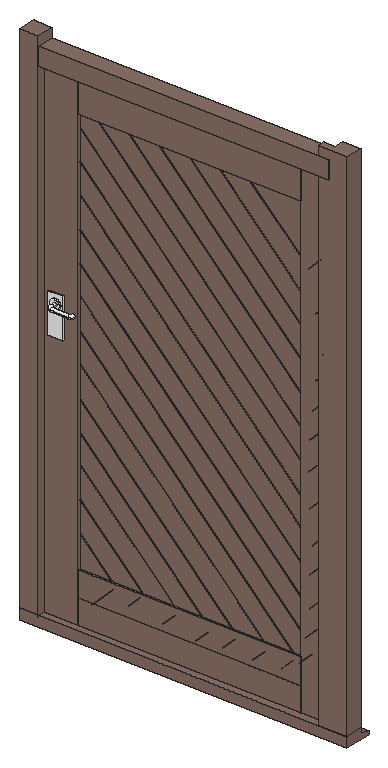
Revit family "DTI_A3-DIFSD31P12", category Doors, host Wall, Revit 2016
Family settings
  Host = Wall
  OmniClass Number = 23.30.10.00
  OmniClass Title = Doors
  Always vertical = Yes
  Cut with Voids When Loaded = No
  Shared = No
  Room Calculation Point = No
Parameters (values of type "DIFSD31P12")
  URL = "www.swartland.co.za"
  Rough Width = 923 mm
  Rough Height = 2165 mm
  Model = "DIFSD31P/1.2"
  Manufacturer = "Swartland Doors & Windows"
  Function = Exterior
  Frame Width = 74 mm
  Height = Door Height + Frame Width + Cill Height  # 2144 mm
  Wall Closure = By host
  Width = Door Width + (Frame Width * 2)  # 1348 mm
  Frame Depth = 70 mm
  Door Width = 1200 mm
  Door Material = Meranti
  Door Height = 2032 mm
  Door Frame Material = Meranti
  Description = "Pivot Door in Frame - DIFSD31P/1.2"
  Cill Height = 38 mm
  Assembly Code = ""
Reference planes
  plane 1 "Centre (Front/Back)": y = 0
  plane 2 "Center (Left/Right)": x = 0
  plane 3 "Left": x = -674
  plane 4 "Right": x = 674
  plane 5: z = 2144
  plane 6 "Exterior": y = 75
  plane 7 "Interior": y = -75
  plane 8: y = -35
  plane 9 "Frame exterior": y = 35
  plane 10: z = 2070
  plane 11: x = 600
  plane 12: x = -600
  plane 13 "Cill Level": z = 38
  plane 14 "Centre of door": y = 17.751
Forms (mm)
  Extrusion 1, solid, material "Meranti" <- "Door Frame Material"
    sketch origin (0, 0, 38) x (1, 0, 0) y (0, 1, 0)
      loop
        line (-674, 35) -> (-674, -35) -> (-600, -35) -> (-600, 35) -> (-674, 35)
    from 0 to 2144 <- "Height"
  Extrusion 2, solid, material "Meranti" <- "Door Frame Material"
    sketch origin (0, 0, 38) x (-1, 0, 0) y (0, -1, 0)
      loop
        line (-674, -35) -> (-600, -35) -> (-600, 5) -> (-555, 5) -> (-555, 35) -> (-674, 35) -> (-674, -35)
    from 0 to 2144 <- "Height"
  Extrusion 3, solid, material "Meranti" <- "Door Frame Material"
    sketch origin (0, 0, 0) x (0, 1, 0) y (0, 0, 1)
      loop
        line (-35, 44) -> (-35, 0) -> (75, 0) -> (75, 15) -> (35, 25.321) -> (35, 44) -> (-35, 44)
    from -674 to 674
  Extrusion 4, solid, material "Meranti"
    sketch origin (0, 0, 0) x (0, 1, 0) y (0, 0, 1)
      loop
        line (35, 2144) -> (-35, 2144) -> (-35, 2070) -> (-5, 2070) -> (35, 2070) -> (35, 2144)
    from 600 to -600
  Extrusion 5, solid, material "Meranti" <- "Door Material"
    sketch origin (0, 35, 0) x (0, 0, -1) y (-1, 0, 0)
      loop
        line (-38, -600) -> (-38, -460) -> (-2070, -460) -> (-2070, -600) -> (-38, -600)
    from -40 to 0
  Extrusion 6, solid, material "Meranti" <- "Door Material"
    sketch origin (0, 35, 0) x (0, 0, -1) y (-1, 0, 0)
      loop
        line (-38, 600) -> (-2070, 600) -> (-2070, 460) -> (-38, 460) -> (-38, 600)
    from -40 to 0
  Extrusion 7, solid, material "Meranti"
    sketch origin (0, 35, 0) x (0, 0, -1) y (-1, 0, 0)
      loop
        line (-1930, -460) -> (-1930, 460) -> (-2070, 460) -> (-2070, -460) -> (-1930, -460)
    from 0 to -40
  Extrusion 8, solid, material "Meranti"
    sketch origin (0, 35, -1892) x (0, 0, -1) y (-1, 0, 0)
      loop
        line (-1930, -460) -> (-1930, 460) -> (-2035, 460) -> (-2035, -460) -> (-1930, -460)
    from 0 to -40
  Extrusion 9, solid, material "Meranti"
    sketch origin (-1295.388, 35, -968.236) x (-0.707107, 0, -0.707107) y (-0.707107, 0, 0.707107)
      loop
        line (-1983.231, -373.204) -> (-1983.231, 946.796) -> (-2071.757, 946.796) -> (-2071.757, -373.204) -> (-1983.231, -373.204)
    from -30 to -10
  Extrusion 10, solid, material "Meranti"
    sketch origin (-1232.79, 35, -905.638) x (-0.707107, 0, -0.707107) y (-0.707107, 0, 0.707107)
      loop
        line (-1983.231, -393.426) -> (-1983.231, 1015.757) -> (-2071.757, 1015.757) -> (-2071.757, -393.426) -> (-1983.231, -393.426)
    from -30 to -10
  Extrusion 11, solid, material "Meranti"
    sketch origin (0, 35, -1787) x (0, 0, -1) y (-1, 0, 0)
      loop
        line (-1930, -460) -> (-1930, 460) -> (-2035, 460) -> (-2035, -460) -> (-1930, -460)
    from 0 to -40
  Extrusion 12, solid, material "Meranti"
    sketch origin (-1194.574, 35, -818.659) x (-0.707107, 0, -0.707107) y (-0.707107, 0, 0.707107)
      loop
        line (-1983.231, -373.204) -> (-1983.231, 1071.878) -> (-2071.757, 1071.878) -> (-2071.757, -373.204) -> (-1983.231, -373.204)
    from -30 to -10
  Extrusion 13, solid, material "Meranti"
    sketch origin (-1131.977, 35, -756.061) x (-0.707107, 0, -0.707107) y (-0.707107, 0, 0.707107)
      loop
        line (-1983.231, -304.525) -> (-1983.231, 1171.878) -> (-2071.757, 1171.878) -> (-2071.757, -304.525) -> (-1983.231, -304.525)
    from -30 to -10
  Extrusion 14, solid, material "Meranti"
    sketch origin (-1069.379, 35, -693.464) x (-0.707107, 0, -0.707107) y (-0.707107, 0, 0.707107)
      loop
        line (-1983.231, -216.259) -> (-1983.231, 1251.878) -> (-2071.757, 1251.878) -> (-2071.757, -216.259) -> (-1983.231, -216.259)
    from -30 to -10
  Extrusion 15, solid, material "Meranti"
    sketch origin (-1006.781, 35, -630.866) x (-0.707107, 0, -0.707107) y (-0.707107, 0, 0.707107)
      loop
        line (-1983.231, -145.45) -> (-1983.231, 1336.868) -> (-2071.757, 1336.868) -> (-2071.757, -145.45) -> (-1983.231, -145.45)
    from -30 to -10
  Extrusion 16, solid, material "Meranti"
    sketch origin (-944.184, 35, -568.269) x (-0.707107, 0, -0.707107) y (-0.707107, 0, 0.707107)
      loop
        line (-1983.231, -44.499) -> (-1983.231, 1431.878) -> (-2071.757, 1431.878) -> (-2071.757, -44.499) -> (-1983.231, -44.499)
    from -30 to -10
  Extrusion 17, solid, material "Meranti"
    sketch origin (-881.586, 35, -505.671) x (-0.707107, 0, -0.707107) y (-0.707107, 0, 0.707107)
      loop
        line (-1983.231, 54.666) -> (-1983.231, 1431.878) -> (-2071.757, 1431.878) -> (-2071.757, 54.666) -> (-1983.231, 54.666)
    from -30 to -10
  Extrusion 18, solid, material "Meranti"
    sketch origin (-990.974, 35, -271.088) x (-0.707107, 0, -0.707107) y (-0.707107, 0, 0.707107)
      loop
        line (-1983.231, -108.741) -> (-1983.231, 1133.644) -> (-2071.757, 1133.644) -> (-2071.757, -108.741) -> (-1983.231, -108.741)
    from -30 to -10
  Extrusion 19, solid, material "Meranti"
    sketch origin (-990.974, 35, -145.893) x (-0.707107, 0, -0.707107) y (-0.707107, 0, 0.707107)
      loop
        line (-1983.231, -125.215) -> (-1983.231, 1005.118) -> (-2071.757, 1005.118) -> (-2071.757, -125.215) -> (-1983.231, -125.215)
    from -30 to -10
  Extrusion 20, solid, material "Meranti"
    sketch origin (-1036.799, 35, 25.127) x (-0.707107, 0, -0.707107) y (-0.707107, 0, 0.707107)
      loop
        line (-1983.231, -206.892) -> (-1983.231, 731.786) -> (-2071.757, 731.786) -> (-2071.757, -206.892) -> (-1983.231, -206.892)
    from -30 to -10
  Extrusion 21, solid, material "Meranti"
    sketch origin (-1006.014, 35, 119.537) x (-0.707107, 0, -0.707107) y (-0.707107, 0, 0.707107)
      loop
        line (-1983.231, -197.435) -> (-1983.231, 641.805) -> (-2071.757, 641.805) -> (-2071.757, -197.435) -> (-1983.231, -197.435)
    from -30 to -10
  Extrusion 22, solid, material "Meranti"
    sketch origin (-943.417, 35, 182.135) x (-0.707107, 0, -0.707107) y (-0.707107, 0, 0.707107)
      loop
        line (-1983.231, -78.195) -> (-1983.231, 541.805) -> (-2071.757, 541.805) -> (-2071.757, -78.195) -> (-1983.231, -78.195)
    from -30 to -10
  Extrusion 23, solid, material "Meranti"
    sketch origin (-880.819, 35, 244.732) x (-0.707107, 0, -0.707107) y (-0.707107, 0, 0.707107)
      loop
        line (-1983.231, 54.034) -> (-1983.231, 406.796) -> (-2140.6, 406.796) -> (-2140.6, 54.034) -> (-1983.231, 54.034)
    from -30 to -10
  Extrusion 24, solid, material "Meranti"
    sketch origin (-1295.388, 35, -968.236) x (-0.707107, 0, -0.707107) y (-0.707107, 0, 0.707107)
      loop
        line (-1983.231, -373.204) -> (-1983.231, 946.796) -> (-2071.757, 946.796) -> (-2071.757, -373.204) -> (-1983.231, -373.204)
    from -30 to -10
  Extrusion 25, solid, material "Meranti"
    sketch origin (-1357.985, 35, -1030.833) x (-0.707107, 0, -0.707107) y (-0.707107, 0, 0.707107)
      loop
        line (-1983.231, -297.207) -> (-1983.231, 826.359) -> (-2071.757, 826.359) -> (-2071.757, -297.207) -> (-1983.231, -297.207)
    from -30 to -10
  Extrusion 26, solid, material "Meranti"
    sketch origin (-1420.583, 35, -1093.431) x (-0.707107, 0, -0.707107) y (-0.707107, 0, 0.707107)
      loop
        line (-1983.231, -208.804) -> (-1983.231, 746.359) -> (-2071.757, 746.359) -> (-2071.757, -208.804) -> (-1983.231, -208.804)
    from -30 to -10
  Extrusion 27, solid, material "Meranti"
    sketch origin (-1483.18, 35, -1156.028) x (-0.707107, 0, -0.707107) y (-0.707107, 0, 0.707107)
      loop
        line (-1983.231, -140.046) -> (-1983.231, 666.359) -> (-2071.757, 666.359) -> (-2071.757, -140.046) -> (-1983.231, -140.046)
    from -30 to -10
  Extrusion 28, solid, material "Meranti"
    sketch origin (-1545.778, 35, -1218.626) x (-0.707107, 0, -0.707107) y (-0.707107, 0, 0.707107)
      loop
        line (-1987.474, -34.304) -> (-1987.474, 570.602) -> (-2076, 570.602) -> (-2076, -34.304) -> (-1987.474, -34.304)
    from -30 to -10
  Extrusion 29, solid, material "Meranti"
    sketch origin (-1608.375, 35, -1281.223) x (-0.707107, 0, -0.707107) y (-0.707107, 0, 0.707107)
      loop
        line (-1987.474, 78.737) -> (-1987.474, 490.602) -> (-2076, 490.602) -> (-2076, 78.737) -> (-1987.474, 78.737)
    from -30 to -10
  Extrusion 30, solid, material "Meranti"
    sketch origin (-1670.973, 35, -1343.821) x (-0.707107, 0, -0.707107) y (-0.707107, 0, 0.707107)
      loop
        line (-1935.244, 150.602) -> (-1935.244, 411.038) -> (-2076, 411.038) -> (-2076, 150.602) -> (-1935.244, 150.602)
    from -30 to -10
Lines and regions (mm)
  Opening 1
    outline origin (-3050, -75, 0) x (1, 0, 0) y (0, 0, 1)
      loop
        line (2376, 0) -> (3724, 0) -> (3724, 2144) -> (2376, 2144) -> (2376, 0)
  symbolic lines, style "Elevation Swing"
    curve 1: line (600, 75, 38) -> (-600, 75, 1050.513)
    curve 2: line (-600, 75, 1050.513) -> (600, 75, 2070)
  symbolic lines
    curve 3: line (600, -35, 0) -> (600, -1235, 0)
    curve 4: arc (600, -1235, 0) -> (-248.528, -883.528, 0) -> (-600, -35, 0) r 1200
Text (mm)
  text "Exterior" at (-2295.016, 1099.543, 0), in view "Ref. Level"
  text "Exterior" at (0, 1615.38, 3698.081), in view "Left"
  text "Exterior" at (0, 1036.032, 3874.932), in view "Right"
Dimensions and locks
  equal spacing: plane 3 "Left", plane 2 "Center (Left/Right)", plane 4 "Right"
  plane 3 "Left" to plane 4 "Right" = 1348 mm
  locked: plane 6 "Exterior" to host wall at 0
  locked: plane 7 "Interior" to host wall
  equal spacing: plane 9 "Frame exterior", plane 1 "Centre (Front/Back)", plane 8
  "Frame Depth": plane 9 "Frame exterior" to plane 8
  "Frame Width": plane 10 to plane 5
  "Door Width": plane 12 to plane 11
  plane 9 "Frame exterior" to plane 8 = 70 mm  (x2)
  "Cill Height": level to plane 13 "Cill Level"
  "Frame Width": plane 11 to plane 4 "Right"
  "Frame Width": plane 3 "Left" to plane 12
  plane 3 "Left" to plane 12 = 74 mm
  locked: level to Extrusion 3 at 44
  "Door Height": plane 13 "Cill Level" to plane 10
  level to plane 5 = 2144 mm
  aligned and locked: plane 3 "Left" to Opening 1 sketch curve
  aligned and locked: plane 5 to Opening 1 sketch curve  (x2)
  aligned and locked: Opening 1 sketch curve to plane 4 "Right"
  aligned and locked: Opening 1 sketch curve to level
  aligned and locked: plane 1 "Centre (Front/Back)" to host wall
  aligned and locked: Extrusion 3 to host wall  (x2)
  aligned and locked: Extrusion 2 to plane 13 "Cill Level"
  aligned and locked: Extrusion 1 to plane 13 "Cill Level"
  aligned and locked: Extrusion 4 to plane 11
  aligned and locked: plane 12 to Extrusion 4
  aligned and locked: curve 2 to Extrusion 6
  aligned and locked: nested 1 to nested 2
Automatic sketch dimensions
  Extrusion 1 sketch curve to plane 3 "Left" = 0 mm
  Extrusion 1 sketch curve to plane 9 "Frame exterior" = 0 mm
  Extrusion 1 sketch curve to plane 12 = 0 mm
  Extrusion 1 sketch curve to plane 8 = 0 mm
  Extrusion 2 sketch curve to plane 4 "Right" = 0 mm
  Extrusion 2 sketch curve to plane 9 "Frame exterior" = 0 mm
  Extrusion 2 sketch curve to plane 11 = 0 mm
  Extrusion 2 sketch curve to plane 8 = 0 mm
  Extrusion 2 sketch curve to host wall = 5 mm
  Extrusion 2 sketch curve to Extrusion 2 sketch curve = 45 mm
  Extrusion 3 sketch curve to level = 0 mm
  Extrusion 3 sketch curve to plane 8 = 0 mm
  Extrusion 3 sketch curve to plane 9 "Frame exterior" = 0 mm
  Extrusion 3 sketch curve to host wall = 0 mm
  plane 13 "Cill Level" to Extrusion 3 sketch curve = 6 mm
  level to Extrusion 3 sketch curve = 15 mm
  Extrusion 3 sketch curve to Extrusion 3 sketch curve = 18.679 mm
  plane 5 to Extrusion 4 sketch curve = 0 mm
  Extrusion 4 sketch curve to plane 8 = 0 mm
  plane 10 to Extrusion 4 sketch curve = 0 mm  (x2)
  Extrusion 4 sketch curve to plane 9 "Frame exterior" = 0 mm
  host wall to Extrusion 4 sketch curve = 5 mm
  Extrusion 4 sketch curve to Extrusion 4 sketch curve = 0 mm
  Extrusion 5 sketch curve to plane 10 = 0 mm
  plane 11 to Extrusion 5 sketch curve = 0 mm
  Extrusion 5 sketch curve to plane 13 "Cill Level" = 0 mm
  Extrusion 5 sketch curve to Extrusion 5 sketch curve = 140 mm
  Extrusion 6 sketch curve to plane 10 = 0 mm
  plane 12 to Extrusion 6 sketch curve = 0 mm
  Extrusion 6 sketch curve to plane 13 "Cill Level" = 0 mm
  Extrusion 6 sketch curve to plane 12 = 140 mm
  curve 2 to plane 10 = 0 mm
  plane 11 to curve 2 = 0 mm
  plane 11 to curve 1 = 0 mm
  curve 1 to plane 13 "Cill Level" = 0 mm
  plane 13 "Cill Level" to curve 2 = 1012.513 mm
  curve 4 to plane 8 = 0 mm
  curve 4 to plane 12 = 0 mm
  curve 4 to plane 11 = 0 mm
  curve 3 to plane 8 = 0 mm
  Extrusion 7 sketch curve to plane 10 = 0 mm
  plane 10 to Extrusion 7 sketch curve = 140 mm
  plane 11 to Extrusion 7 sketch curve = 140 mm
  Extrusion 7 sketch curve to plane 12 = 140 mm
  Extrusion 8 sketch curve to plane 13 "Cill Level" = 0 mm
  plane 13 "Cill Level" to Extrusion 8 sketch curve = 105 mm
  plane 11 to Extrusion 8 sketch curve = 140 mm
  Extrusion 8 sketch curve to plane 12 = 140 mm
  plane 11 to Extrusion 9 sketch curve = 166.539 mm
  plane 13 "Cill Level" to Extrusion 9 sketch curve = 194.823 mm
  Extrusion 9 sketch curve to Extrusion 9 sketch curve = 88.526 mm
  Extrusion 9 sketch curve to Extrusion 9 sketch curve = 1320 mm
  plane 11 to Extrusion 10 sketch curve = 89.642 mm
  plane 13 "Cill Level" to Extrusion 10 sketch curve = 243.122 mm
  Extrusion 10 sketch curve to Extrusion 10 sketch curve = 88.526 mm
  Extrusion 10 sketch curve to Extrusion 10 sketch curve = 1409.183 mm
  plane 13 "Cill Level" to Extrusion 11 sketch curve = 210 mm
  plane 13 "Cill Level" to Extrusion 11 sketch curve = 105 mm
  plane 11 to Extrusion 11 sketch curve = 140 mm
  Extrusion 11 sketch curve to plane 12 = 140 mm
  plane 11 to Extrusion 12 sketch curve = 65.725 mm
  plane 13 "Cill Level" to Extrusion 12 sketch curve = 344.4 mm
  Extrusion 12 sketch curve to Extrusion 12 sketch curve = 88.526 mm
  Extrusion 12 sketch curve to Extrusion 12 sketch curve = 1445.082 mm
  plane 11 to Extrusion 13 sketch curve = 51.691 mm
  plane 13 "Cill Level" to Extrusion 13 sketch curve = 455.561 mm
  Extrusion 13 sketch curve to Extrusion 13 sketch curve = 88.526 mm
  Extrusion 13 sketch curve to Extrusion 13 sketch curve = 1476.403 mm
  plane 4 "Right" to Extrusion 14 sketch curve = 125.507 mm
  plane 13 "Cill Level" to Extrusion 14 sketch curve = 580.572 mm
  Extrusion 14 sketch curve to Extrusion 14 sketch curve = 88.526 mm
  Extrusion 14 sketch curve to Extrusion 14 sketch curve = 1468.137 mm
  plane 4 "Right" to Extrusion 15 sketch curve = 112.979 mm
  plane 13 "Cill Level" to Extrusion 15 sketch curve = 693.239 mm
  Extrusion 15 sketch curve to Extrusion 15 sketch curve = 88.526 mm
  Extrusion 15 sketch curve to Extrusion 15 sketch curve = 1482.318 mm
  plane 4 "Right" to Extrusion 16 sketch curve = 121.764 mm
  plane 13 "Cill Level" to Extrusion 16 sketch curve = 827.219 mm
  Extrusion 16 sketch curve to Extrusion 16 sketch curve = 88.526 mm
  Extrusion 16 sketch curve to Extrusion 16 sketch curve = 1476.377 mm
  plane 4 "Right" to Extrusion 17 sketch curve = 129.287 mm
  plane 13 "Cill Level" to Extrusion 17 sketch curve = 959.937 mm
  Extrusion 17 sketch curve to Extrusion 17 sketch curve = 88.526 mm
  Extrusion 17 sketch curve to Extrusion 17 sketch curve = 1377.212 mm
  plane 4 "Right" to Extrusion 18 sketch curve = 123.129 mm
  plane 13 "Cill Level" to Extrusion 18 sketch curve = 1078.974 mm
  Extrusion 18 sketch curve to Extrusion 18 sketch curve = 88.526 mm
  Extrusion 18 sketch curve to Extrusion 18 sketch curve = 1242.385 mm
  plane 4 "Right" to Extrusion 19 sketch curve = 111.48 mm
  plane 10 to Extrusion 19 sketch curve = 839.48 mm
  Extrusion 19 sketch curve to Extrusion 19 sketch curve = 88.526 mm
  Extrusion 19 sketch curve to Extrusion 19 sketch curve = 1130.333 mm
  plane 4 "Right" to Extrusion 20 sketch curve = 99.55 mm
  plane 10 to Extrusion 20 sketch curve = 726.214 mm
  Extrusion 20 sketch curve to Extrusion 20 sketch curve = 88.526 mm
  Extrusion 20 sketch curve to Extrusion 20 sketch curve = 938.678 mm
  plane 4 "Right" to Extrusion 21 sketch curve = 75.453 mm
  plane 10 to Extrusion 21 sketch curve = 625.116 mm
  Extrusion 21 sketch curve to Extrusion 21 sketch curve = 88.526 mm
  Extrusion 21 sketch curve to Extrusion 21 sketch curve = 839.24 mm
  plane 4 "Right" to Extrusion 22 sketch curve = 97.171 mm
  plane 10 to Extrusion 22 sketch curve = 478.204 mm
  Extrusion 22 sketch curve to Extrusion 22 sketch curve = 88.526 mm
  Extrusion 22 sketch curve to Extrusion 22 sketch curve = 620 mm
  plane 4 "Right" to Extrusion 23 sketch curve = 79.394 mm
  plane 10 to Extrusion 23 sketch curve = 273.428 mm
  Extrusion 23 sketch curve to Extrusion 23 sketch curve = 157.368 mm
  Extrusion 23 sketch curve to Extrusion 23 sketch curve = 352.762 mm
  plane 11 to Extrusion 24 sketch curve = 166.539 mm
  plane 13 "Cill Level" to Extrusion 24 sketch curve = 194.823 mm
  Extrusion 24 sketch curve to Extrusion 24 sketch curve = 88.526 mm
  Extrusion 24 sketch curve to Extrusion 24 sketch curve = 1320 mm
  plane 13 "Cill Level" to Extrusion 25 sketch curve = 185.963 mm
  plane 11 to Extrusion 25 sketch curve = 282.874 mm
  Extrusion 25 sketch curve to Extrusion 25 sketch curve = 88.526 mm
  Extrusion 25 sketch curve to Extrusion 25 sketch curve = 1123.566 mm
  plane 13 "Cill Level" to Extrusion 26 sketch curve = 185.876 mm
  plane 11 to Extrusion 26 sketch curve = 407.982 mm
  Extrusion 26 sketch curve to Extrusion 26 sketch curve = 88.526 mm
  Extrusion 26 sketch curve to Extrusion 26 sketch curve = 955.163 mm
  plane 13 "Cill Level" to Extrusion 27 sketch curve = 171.898 mm
  plane 2 "Center (Left/Right)" to Extrusion 27 sketch curve = 80.801 mm
  Extrusion 27 sketch curve to Extrusion 27 sketch curve = 88.526 mm
  Extrusion 27 sketch curve to Extrusion 27 sketch curve = 806.405 mm
  level to Extrusion 28 sketch curve = 225.071 mm
  Extrusion 28 sketch curve to plane 2 "Center (Left/Right)" = 53.567 mm
  Extrusion 28 sketch curve to Extrusion 28 sketch curve = 88.526 mm
  Extrusion 28 sketch curve to Extrusion 28 sketch curve = 604.906 mm
  level to Extrusion 29 sketch curve = 242.406 mm
  Extrusion 29 sketch curve to plane 2 "Center (Left/Right)" = 196.097 mm
  Extrusion 29 sketch curve to Extrusion 29 sketch curve = 88.526 mm
  Extrusion 29 sketch curve to Extrusion 29 sketch curve = 411.864 mm
  Extrusion 30 sketch curve to plane 2 "Center (Left/Right)" = 309.511 mm
  level to Extrusion 30 sketch curve = 230.624 mm
  Extrusion 30 sketch curve to Extrusion 30 sketch curve = 140.756 mm
  Extrusion 30 sketch curve to Extrusion 30 sketch curve = 260.437 mm
Nested families
  nested 1: "Handle Domestic (1)" at (-611.735, -5, 1200), type "Handle Domestic (1)"
  nested 2: "Handle Domestic (1)" at (-611.355, 35, 1200), type "Handle Domestic (1)"
Definition of nested family "Handle Domestic (1)"
  Parameters
    Manufacturer = "Revit"
    Material Ironmongery = none
    Handle Z Distance = 0 mm
    Handle X Distance = 65 mm
    Function = (empty or 0)
  Reference planes
    plane 1 "Center (Front/Back)": y = 0
    plane 2: z = 0
    plane 3 "Center (Left/Right)": x = 0
    plane 4: z = 0
    plane 5: x = 65
  Forms (mm)
    Extrusion 1, solid, material <- "Material Ironmongery", detail levels medium+fine
      sketch origin (0, 0, 0) x (1, 0, 0) y (0, 0, 1)
        loop
          line (35, 40) -> (35, -125) -> (95, -125) -> (95, 40) -> (35, 40)
      from 0 to -6
    Sweep 2, solid, material <- "Material Ironmongery", detail levels medium+fine
      path origin (0, 0, 0) x (0, -1, 0) y (1, 0, 0)
        loop
          line (-10.593, 65) -> (-26, 65)
          arc (-26, 65) -> (-36.607, 69.393) -> (-41, 80) r 15
          line (-41, 80) -> (-41, 152)
          arc (-41, 152) -> (-38.657, 157.657) -> (-33, 160) r 8
      profile origin (0, 18.296, 0) x (-1, 0, 0) y (0, 0, 1)
        loop
          circle (-65, 0) r 7
    Extrusion 3, solid, material <- "Material Ironmongery", detail levels medium+fine
      sketch origin (0, 0, 0) x (1, 0, 0) y (0, 0, 1)
        loop
          circle (65, 0) r 20
      from -6 to -10.593
  Dimensions and locks
    "Handle Z Distance": plane 4 to level
    "Handle X Distance": plane 5 to plane 3 "Center (Left/Right)"
    aligned and locked: Extrusion 1 to Extrusion 3
    aligned and locked: Extrusion 3 to Sweep 2 sketch curve
  Automatic sketch dimensions
    Sweep 2 sketch curve to plane 4 = 0 mm
    Sweep 2 sketch curve to profile plane = 0 mm
    Extrusion 3 sketch curve to plane 4 = 0 mm
    Extrusion 3 sketch curve to plane 5 = 0 mm
    Sweep 2 sketch curve to plane 5 = 0 mm
    Sweep 2 sketch curve to plane 1 "Center (Front/Back)" = 41 mm
    Sweep 2 sketch curve to Sweep 2 sketch curve = 8 mm
    Sweep 2 sketch curve to Sweep 2 sketch curve = 15 mm
    Sweep 2 sketch curve to Sweep 2 sketch curve = 72 mm
    plane 5 to Extrusion 1 sketch curve = 30 mm
    Extrusion 1 sketch curve to plane 5 = 30 mm
    plane 4 to Extrusion 1 sketch curve = 125 mm
    Extrusion 1 sketch curve to plane 4 = 40 mm
    radius of Sweep 2 sketch curve = 7 mm
    radius of Extrusion 3 sketch curve = 20 mm
